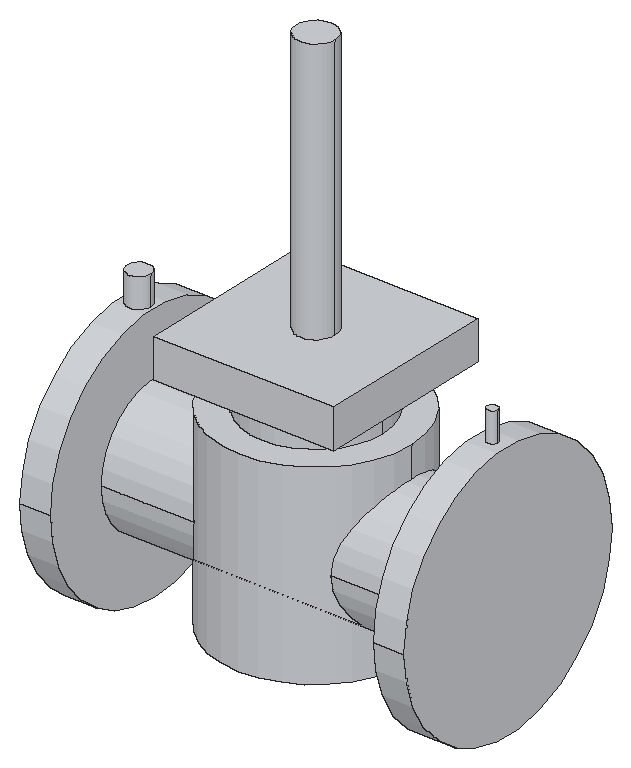
Revit family "OPTIMA_Compact_FLANGE_PN16_DN125-LF_RFA_2018", category Pipe Accessories, Revit 2018
Family settings
  Round Connector Dimension = Use Diameter
  Part Type = Valve - Breaks Into
  Work Plane-Based = No
  Always vertical = Yes
  Cut with Voids When Loaded = No
  Shared = No
Parameters (values of type "Optima Compact Flange PN16 DN125 LF")
  magiProductId = "Frese Optima Flange DN125 LF"
  magiProductFamilyId = "Frese Optima Flange *"
  magiPartTypeId = 304
  isMeasuringValve [instance] = no
  ang2D [instance] = 0.00°
  W2D = 50 mm
  VersionID = "2.0/2018.8.28.1/FRESE_OPTIMA_FLANGE_Q13_002"
  Use Minimum Symbol Size [instance] = yes
  URL = "www.hydronic.cz"
  Type Comments = "Přírubový; PN16; 0~120°C, s měřením"
  R4 = 70 mm
  R3 = 70.2 mm
  R1 = 100 mm
  QmdConnectorList = "301;D;302;D"
  Productdata [instance] = ""
  Manufacturer = "Hydronic Systems Prague s.r.o."
  MC Product Code = "53-1204 (DN125 LF; 40mm; pohon min 1000N; Qmin-dpmin 18500l/h-16.0kPa; Qmax-dpmin 110000l/h-35.0kPa; dpmax 800kPa)"
  MC Piping Given Pressure Drop [instance] = 0.0 Pa
  LF__ve = -LF  # -32 mm
  LF2 = 16 mm
  LF = 32 mm
  L4 = 188 mm
  L3 = 336 mm
  L2D_Min = 3048 mm
  L2D = 230 mm
  L2 = 200 mm
  H6 = 275.5 mm
  H4 = 40.5 mm
  H3 = 33.75 mm
  H2 = 101.25 mm
  H1 = 202.5 mm
  Description = "Tlakově nezávislý 2-cestný regulační vyvažovací ventil (PICV)"
  DF2 = 135 mm
  D = 125 mm
  CAT0 = yes
Types (14, lengths in mm): name | magiProductId | magiProductFamilyId | W2D | Type Comments | R4 | R3 | R1 | MC Product Code | LF__ve | LF2 | LF | L4 | L3 | L2D | L2 | H6 | H4 | H3 | H2 | H1 | DF2 | D
  Optima Compact Flange PN16 DN050 LF | "Frese Optima Flange DN050 LF" | "Frese Optima Flange *" | 50 | "Přírubový; PN16; 0~120°C, s měřením" | 40.3 | 42.9 | 57.5 | "53-1200 (DN50 LF; 20mm; pohon min 1000N; Qmin-dpmin 2500l/h-6.5kPa; Qmax-dpmin 15000l/h-20.0kPa; dpmax 800kPa)" | -18.4 | 9.2 | 18.4 | 108.1 | 193.2 | 230 | 115 | 157.3 | 24.8 | 20.6 | 61.9 | 123.8 | 82.5 | 50
  Optima Compact Flange PN16 DN050 HF | "Frese Optima Flange DN050 HF" | "Frese Optima Flange *" | 50 | "Přírubový; PN16; 0~120°C, s měřením" | 40.25 | 42.9 | 57.5 | "53-1210 (DN50 HF; 20mm; pohon min 1000N; Qmin-dpmin 3900l/h-19.0kPa; Qmax-dpmin 24000l/h-50.0kPa; dpmax 800kPa)" | -18.4 | 9.2 | 18.4 | 108.1 | 193.2 | 230 | 115 | 157.25 | 24.75 | 20.625 | 61.875 | 123.75 | 82.5 | 50
  Optima Compact Flange PN16 DN065 LF | "Frese Optima Flange DN065 LF" | "Frese Optima Flange *" | 50 | "Přírubový; PN16; 0~120°C, s měřením" | 50.75 | 48.1 | 72.5 | "53-1201 (DN65 LF; 20mm; pohon min 1000N; Qmin-dpmin 4400l/h-15.0kPa; Qmax-dpmin 25000l/h-25.0kPa; dpmax 800kPa)" | -23.2 | 11.6 | 23.2 | 136.3 | 243.6 | 230 | 145 | 171.25 | 27.75 | 23.125 | 69.375 | 138.75 | 92.5 | 65
  Optima Compact Flange PN16 DN065 HF | "Frese Optima Flange DN065 HF" | "Frese Optima Flange *" | 50 | "Přírubový; PN16; 0~120°C, s měřením" | 50.75 | 48.1 | 72.5 | "53-1211 (DN65 HF; 20mm; pohon min 1000N; Qmin-dpmin 6000l/h-30.0kPa; Qmax-dpmin 35000l/h-55.0kPa; dpmax 800kPa)" | -23.2 | 11.6 | 23.2 | 136.3 | 243.6 | 230 | 145 | 171.25 | 27.75 | 23.125 | 69.375 | 138.75 | 92.5 | 65
  Optima Compact Flange PN16 DN080 LF | "Frese Optima Flange DN080 LF" | "Frese Optima Flange *" | 50 | "Přírubový; PN16; 0~120°C, s měřením" | 54.25 | 52 | 77.5 | "53-1202 (DN80 LF; 20mm; pohon min 1000N; Qmin-dpmin 5300l/h-16.0kPa; Qmax-dpmin 34000l/h-25.0kPa; dpmax 800kPa)" | -24.8 | 12.4 | 24.8 | 145.7 | 260.4 | 230 | 155 | 183 | 30 | 25 | 75 | 150 | 100 | 80
  Optima Compact Flange PN16 DN080 HF | "Frese Optima Flange DN080 HF" | "Frese Optima Flange *" | 50 | "Přírubový; PN16; 0~120°C, s měřením" | 54.25 | 52 | 77.5 | "53-1212 (DN80 HF; 20mm; pohon min 1000N; Qmin-dpmin 7000l/h-23.0kPa; Qmax-dpmin 43000l/h-50.0kPa; dpmax 800kPa)" | -24.8 | 12.4 | 24.8 | 145.7 | 260.4 | 230 | 155 | 183 | 30 | 25 | 75 | 150 | 100 | 80
  Optima Compact Flange PN16 DN100 LF | "Frese Optima Flange DN100 LF" | "Frese Optima Flange *" | 50 | "Přírubový; PN16; 0~120°C, s měřením" | 61.25 | 61.1 | 87.5 | "53-1203 (DN100 LF; 40mm; pohon min 1000N; Qmin-dpmin 12100l/h-20.0kPa; Qmax-dpmin 68000l/h-35.0kPa; dpmax 800kPa)" | -28 | 14 | 28 | 164.5 | 294 | 230 | 175 | 268.75 | 35.25 | 29.375 | 88.125 | 176.25 | 117.5 | 100
  Optima Compact Flange PN16 DN100 HF | "Frese Optima Flange DN100 HF" | "Frese Optima Flange *" | 50 | "Přírubový; PN16; 0~120°C, s měřením" | 61.25 | 61.1 | 87.5 | "53-1213 (DN100 HF; 40mm; pohon min 1000N; Qmin-dpmin 14800l/h-30.0kPa; Qmax-dpmin 90000l/h-75.0kPa; dpmax 800kPa)" | -28 | 14 | 28 | 164.5 | 294 | 230 | 175 | 268.75 | 35.25 | 29.375 | 88.125 | 176.25 | 117.5 | 100
  Optima Compact Flange PN16 DN125 LF | "Frese Optima Flange DN125 LF" | "Frese Optima Flange *" | 50 | "Přírubový; PN16; 0~120°C, s měřením" | 70 | 70.2 | 100 | "53-1204 (DN125 LF; 40mm; pohon min 1000N; Qmin-dpmin 18500l/h-16.0kPa; Qmax-dpmin 110000l/h-35.0kPa; dpmax 800kPa)" | -32 | 16 | 32 | 188 | 336 | 230 | 200 | 275.5 | 40.5 | 33.75 | 101.25 | 202.5 | 135 | 125
  Optima Compact Flange PN16 DN125 HF | "Frese Optima Flange DN125 HF" | "Frese Optima Flange *" | 50 | "Přírubový; PN16; 0~120°C, s měřením" | 70 | 70.2 | 100 | "53-1214 (DN125 HF; 40mm; pohon min 1000N; Qmin-dpmin 23000l/h-27.0kPa; Qmax-dpmin 135000l/h-53.0kPa; dpmax 800kPa)" | -32 | 16 | 32 | 188 | 336 | 230 | 200 | 275.5 | 40.5 | 33.75 | 101.25 | 202.5 | 135 | 125
  Optima Compact Flange PN16 DN150 LF | "Frese Optima Flange DN150 LF" | "Frese Optima Flange *" | 50 | "Přírubový; PN16; 0~110°C, s měřením" | 84 | 74.1 | 120 | "53-1205 (DN150 LF; 43mm; pohon min 1500N; Qmin-dpmin 25600l/h-21.0kPa; Qmax-dpmin 148000l/h-35.0kPa; dpmax 800kPa)" | -38.4 | 19.2 | 38.4 | 225.6 | 403.2 | 230 | 240 | 279.25 | 42.75 | 35.625 | 106.875 | 213.75 | 142.5 | 150
  Optima Compact Flange PN16 DN150 HF | "Frese Optima Flange DN150 HF" | "Frese Optima Flange *" | 50 | "Přírubový; PN16; 0~110°C, s měřením" | 84 | 74.1 | 120 | "53-1215 (DN150 HF; 43mm; pohon min 1500N; Qmin-dpmin 32000l/h-33.0kPa; Qmax-dpmin 195000l/h-65.0kPa; dpmax 800kPa)" | -38.4 | 19.2 | 38.4 | 225.6 | 403.2 | 230 | 240 | 279.25 | 42.75 | 35.625 | 106.875 | 213.75 | 142.5 | 150
  Optima Compact Flange PN16 DN200 LF | "" | "" | 100 | "Přírubový; PN16; 0~110°C, s měřením" | 164.5 | 98.8 | 235 | "53-1206 (DN200 LF; 43mm; pohon min 1500N; Qmin-dpmin 95000l/h-11.0kPa; Qmax-dpmin 210000l/h-32.0kPa; dpmax 800kPa)" | -48 | 24 | 48 | 282 | 504 | 350 | 300 | 281 | 57 | 15 | 209 | 380 | 190 | 200
  Optima Compact Flange PN16 DN200 HF | "" | "" | 100 | "Přírubový; PN16; 0~110°C, s měřením" | 164.5 | 98.8 | 235 | "53-1216 (DN200 HF; 43mm; pohon min 1500N; Qmin-dpmin 130000l/h-31.0kPa; Qmax-dpmin 280000l/h-78.0kPa; dpmax 800kPa)" | -48 | 24 | 48 | 282 | 504 | 350 | 300 | 281 | 57 | 15 | 209 | 380 | 190 | 200
Reference planes
  plane 1 "Center (Front/Back)": y = 0
  plane 2 "XYPLANE": z = 0
  plane 3 "Center (Left/Right)": x = 0
  plane 4 "157": x = 184
  plane 5 "156": x = -184
  plane 6 "155": z = 135
  plane 7 "154": z = 175.5
  plane 8 "153": z = 135
  plane 9 "152": z = 101.25
  plane 10 "151": x = -168
  plane 11 "150": z = -101.25
  plane 12 "149": x = 0
  plane 13 "148": y = 0
  plane 14 "147": z = 0
  plane 15 "146": x = -200
  plane 16 "145": x = 200
Forms (mm)
  Extrusion 1, solid, visible <- "CAT0"
    sketch origin (-750, 0, 135) x (1, 0, 0) y (0, 1, 0)
      loop
        circle (934, 0) r 5.5
    from 0 to 30
  Extrusion 2, solid, visible <- "CAT0"
    sketch origin (-750, 0, 135) x (1, 0, 0) y (0, 1, 0)
      loop
        circle (566, 0) r 12.3
    from 0 to 30
  Extrusion 3, solid, visible <- "CAT0"
    sketch origin (-750, 0, 175.5) x (1, 0, 0) y (0, 1, 0)
      loop
        circle (750, 0) r 20
    from 0 to 275.5 <- "H6"
  Extrusion 4, solid, visible <- "CAT0"
    sketch origin (-750, 0, 135) x (1, 0, 0) y (0, 1, 0)
      loop
        line (844, 94) -> (656, 94) -> (656, -94) -> (844, -94) -> (844, 94)
    from 0 to 40.5 <- "H4"
  Extrusion 5, solid, visible <- "CAT0"
    sketch origin (-750, 0, 101.25) x (1, 0, 0) y (0, 1, 0)
      loop
        circle (750, 0) r 70
    from 0 to 33.75 <- "H3"
  Extrusion 6, solid, visible <- "CAT0"
    sketch origin (-168, -750, 0) x (0, 1, 0) y (0, 0, 1)
      loop
        circle (750, 0) r 70.2
    from 0 to 336 <- "L3"
  Extrusion 7, solid, visible <- "CAT0"
    sketch origin (-750, 0, -101.25) x (1, 0, 0) y (0, 1, 0)
      loop
        circle (750, 0) r 100
    from 0 to 202.5 <- "H1"
  Extrusion 8, solid, visible <- "CAT0"
    sketch origin (-200, -750, 0) x (0, 1, 0) y (0, 0, 1)
      loop
        circle (750, 0) r 135
    from 0 to 32 <- "LF"
  Extrusion 9, solid, visible <- "CAT0"
    sketch origin (200, -750, 0) x (0, 1, 0) y (0, 0, 1)
      loop
        circle (750, 0) r 135
    from 0 to -32 <- "LF__ve"
  Extrusion 10, solid, not visible
    sketch origin (-200, -750, 0) x (0, 1, 0) y (0, 0, 1)
      loop
        circle (750, 0) r 10
    from 0 to 10
  Extrusion 11, solid, not visible
    sketch origin (200, -750, 0) x (0, 1, 0) y (0, 0, 1)
      loop
        circle (750, 0) r 10
    from 0 to -10
Lines and regions (mm)
  reference lines, not visible
    curve 1: circle (2, 2, 0) r 1 normal (0, 0, 1)
  reference lines
    curve 2: circle (0, 0, 135) r 1 normal (0, 0, 1)
Dimensions and locks
  plane 1 "Center (Front/Back)" to curve 1 = 2 mm
  "LF2": plane 16 "145" to plane 4 "157"
  "LF2": plane 15 "146" to plane 5 "156"
  "DF2": plane 2 "XYPLANE" to plane 6 "155"
  "H4": plane 8 "153" to plane 7 "154"
  "H3": plane 9 "152" to plane 8 "153"
  "H1": plane 11 "150" to plane 9 "152"
  "LF": plane 15 "146" to plane 10 "151"
  "H2": plane 2 "XYPLANE" to plane 11 "150"
  locked: plane 3 "Center (Left/Right)" to plane 12 "149"
  locked: plane 1 "Center (Front/Back)" to plane 13 "148"
  locked: plane 2 "XYPLANE" to plane 14 "147"
  "L2": plane 3 "Center (Left/Right)" to plane 15 "146"
  "L2": plane 3 "Center (Left/Right)" to plane 16 "145"
  equal spacing: Extrusion 4 sketch curve, curve 2, Extrusion 4 sketch curve  (x2)
  "L4": Extrusion 4 sketch curve to Extrusion 4 sketch curve  (x2)
  Extrusion 4 sketch curve to Extrusion 4 sketch curve = 0 mm  (x8)
  "R4": radius of Extrusion 5 sketch curve
  "R3": radius of Extrusion 6 sketch curve
  "R1": radius of Extrusion 7 sketch curve
  "DF2": radius of Extrusion 8 sketch curve
  "DF2": radius of Extrusion 9 sketch curve
  aligned and locked: level to plane 2 "XYPLANE"
  aligned and locked: plane 4 "157" to Extrusion 1 sketch curve
  aligned and locked: plane 13 "148" to Extrusion 1 sketch curve
  aligned and locked: plane 5 "156" to Extrusion 2 sketch curve
  aligned and locked: plane 13 "148" to Extrusion 2 sketch curve
  aligned and locked: plane 12 "149" to Extrusion 3 sketch curve
  aligned and locked: plane 13 "148" to Extrusion 3 sketch curve
  aligned and locked: plane 12 "149" to curve 2
  aligned and locked: plane 13 "148" to curve 2
  aligned and locked: plane 12 "149" to Extrusion 5 sketch curve
  aligned and locked: plane 13 "148" to Extrusion 5 sketch curve
  aligned and locked: Extrusion 6 sketch curve to plane 13 "148"
  aligned and locked: plane 14 "147" to Extrusion 6 sketch curve
  aligned and locked: plane 12 "149" to Extrusion 7 sketch curve
  aligned and locked: plane 13 "148" to Extrusion 7 sketch curve
  aligned and locked: Extrusion 8 sketch curve to plane 13 "148"
  aligned and locked: plane 14 "147" to Extrusion 8 sketch curve
  aligned and locked: Extrusion 9 sketch curve to plane 13 "148"
  aligned and locked: plane 14 "147" to Extrusion 9 sketch curve
  aligned and locked: Extrusion 10 sketch curve to plane 13 "148"
  aligned and locked: plane 14 "147" to Extrusion 10 sketch curve
  aligned and locked: Extrusion 11 sketch curve to plane 13 "148"
  aligned and locked: plane 14 "147" to Extrusion 11 sketch curve
Automatic sketch dimensions
  Extrusion 1 sketch curve to plane 4 "157" = 5.5 mm
  plane 15 "146" to Extrusion 2 sketch curve = 3.7 mm
  Extrusion 3 sketch curve to plane 3 "Center (Left/Right)" = 20 mm
  plane 1 "Center (Front/Back)" to Extrusion 10 sketch curve = 10 mm
  plane 1 "Center (Front/Back)" to Extrusion 11 sketch curve = 10 mm
  plane 3 "Center (Left/Right)" to curve 1 = 2 mm
  plane 10 "151" to Extrusion 4 sketch curve = 74 mm
  plane 1 "Center (Front/Back)" to Extrusion 4 sketch curve = 94 mm
  radius of curve 2 = 1 mm
  radius of curve 1 = 1 mm
Connectors
  piping at (-200, 0, 0), diameter 125, driven by "D"
    settings: on Extrusion 10, index 1, connector inside diameter 609.6 mm, connector length 0 mm, flow factor 0, pipe flow 0.0 L/s, pressure drop 0.0 Pa, fitting loss kfactor 0, connector angle 0.00°, fixture units 0, engagement length 0 mm, angle of deflection 0.00°, flow configuration 0, flow direction 0, fitting loss method 0, system type 29, joint type 0, gender type 0, connector reference index 2, connector utility 0, adjustable connector no, is connector primary yes, connector description ""
  piping at (200, 0, 0), diameter 125, driven by "D"
    settings: on Extrusion 11, index 2, connector inside diameter 609.6 mm, connector length 0 mm, flow factor 0, pipe flow 0.0 L/s, pressure drop 0.0 Pa, fitting loss kfactor 0, connector angle 0.00°, fixture units 0, engagement length 0 mm, angle of deflection 0.00°, flow configuration 0, flow direction 0, fitting loss method 0, system type 29, joint type 0, gender type 0, connector reference index 1, connector utility 0, adjustable connector no, is connector primary no, connector description ""
